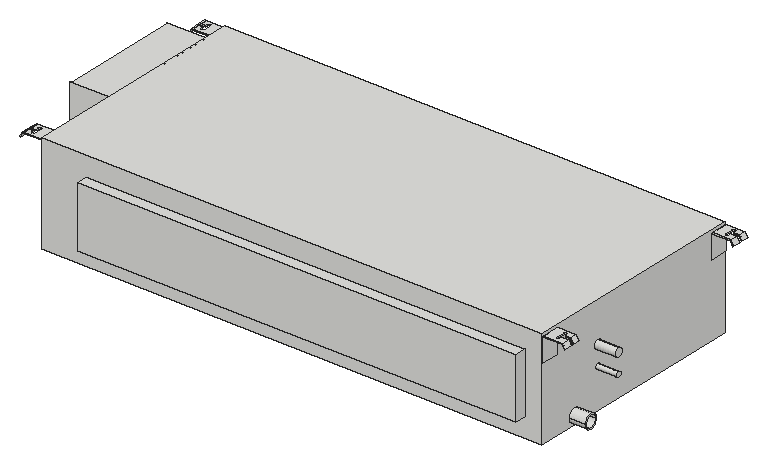
Revit family "GMV-ND（40-63）PLSC1-T", category 机械设备, Revit 2014
Parameters (values of type "GMV-ND63PLS/C1-T")
  高 = 200.00 mm
  风量（m³/h） [instance] = "850"
  送风口高度 = 122.00 mm
  送风口宽度 = 885.00 mm
  电源 = "220V~50Hz"
  深 = 462.00 mm
  液管管径 = 9.50 mm
  气管管径 = 15.90 mm
  机外静压(Pa) [instance] = "15/0~30"
  排水管管径 = 25.00 mm
  宽 = 1010.00 mm
  定位孔（深） = 415.00 mm
  定位孔（宽） = 1060.00 mm
  回风口高度 = 175.00 mm
  回风口宽度 = 979.00 mm
  制热量(kW) [instance] = "7"
  制冷量(kW) [instance] = "6.3"
  净重(kg) = "25"
  Width = 1010.00 mm
  Highth = 200.00 mm
  Hight = 200.00 mm
  Depth = 462.00 mm
Types (5, lengths in mm): name | 风量（m³/h） | 液管管径 | 气管管径 | 制热量(kW) | 制冷量(kW)
  GMV-ND40PLS/C1-T | "750" | 6.35 | 12.70 | "4.5" | "4"
  GMV-ND45PLS/C1-T | "750" | 6.35 | 12.70 | "5" | "4.5"
  GMV-ND50PLS/C1-T | "850" | 6.35 | 12.70 | "5.6" | "5"
  GMV-ND56PLS/C1-T | "850" | 9.52 | 15.90 | "6.3" | "5.6"
  GMV-ND63PLS/C1-T | "850" | 9.50 | 15.90 | "7" | "6.3"
Reference planes
  plane 1 "中心(前/后)": y = 0
  plane 2: z = 0
  plane 3 "中心(左/右)": x = 0
  plane 4: z = 204.3
  plane 5: x = 779.15
  plane 6: x = -230.85
  plane 7: y = -924.816
  plane 8: y = -509.816
  plane 9: y = -509.931
  plane 10: y = -924.989
  plane 11: x = 744.2
  plane 12: y = -966.724
  plane 13: y = -874.035
  plane 14: y = -816.097
  plane 15: y = -816.005
  plane 16: z = 199.575
  plane 17: y = -492.374
  plane 18: x = 274.15
  plane 19: y = -586.634
  plane 20: x = 193.45
  plane 21: x = 381.15
  plane 22: x = 714.4
  plane 23: z = 190.5
  plane 24: z = 15.6
  plane 25: x = -230.85
  plane 26: x = 779.15
  plane 27: z = 200
  plane 28: y = -954.374
Forms (mm)
  Extrusion 1, solid, material "热镀锌板"
    sketch origin (0, 0, 0) x (1, 0, 0) y (0, 1, 0)
      loop
        line (-230.85, -492.374) -> (-230.85, -954.249) -> (779.15, -954.249) -> (779.15, -492.374) -> (-230.85, -492.374)
    from 2.5 to 202.5
  Extrusion 2, solid, material "热镀锌板"
    sketch origin (-80, 0, 0) x (1, 0, 0) y (0, 1, 0)
      loop
        line (-230.229, -540.974) -> (-230.229, -778.774)
        arc (-230.229, -778.774) -> (-231.108, -780.895) -> (-233.229, -781.774) r 3
        line (-233.229, -781.774) -> (-148.169, -781.774)
        arc (-148.169, -781.774) -> (-149.932, -780.986) -> (-150.85, -779.286) r 3
        line (-150.85, -779.286) -> (-150.85, -540.849)
        arc (-150.85, -540.849) -> (-150.087, -538.943) -> (-148.276, -537.974) r 3
        line (-148.276, -537.974) -> (-233.229, -537.974)
        arc (-233.229, -537.974) -> (-231.108, -538.852) -> (-230.229, -540.974) r 3
    from 0 to 200
  Extrusion 3, solid, material "热镀锌板"
    sketch origin (0, -977.974, 121.11) x (0, 0, -1) y (-1, 0, 0)
      loop
        line (-42.49, 140.8) -> (-42.49, -744.2) -> (79.71, -744.2) -> (79.71, 140.8) -> (-42.49, 140.8)
    from 0 to 24
  Extrusion 4, void
    sketch origin (-14, -966.724, 121.11) x (0, 0, 1) y (-1, 0, 0)
      loop
        line (36.39, 120.8) -> (-73.61, 120.8) -> (-73.61, -752.008) -> (36.39, -752.008) -> (36.39, 120.8)
    from 2.222 to -163.585
  Extrusion 5, solid, material "热镀锌板"
    sketch origin (69.15, -1524, 200.743) x (0, 0, -1) y (0, -1, 0)
      loop
        circle (76.187, -708.091) r 7.95
    from 300 to 344.15
  Extrusion 6, solid, material "热镀锌板"
    sketch origin (69.15, -1524, 200.743) x (0, 0, -1) y (0, -1, 0)
      loop
        circle (116.022, -707.946) r 4.75
    from 300 to 344.15
  Extrusion 7, solid, material "热镀锌板"
    sketch origin (-230.85, -1524, 200.743) x (0, 0, -1) y (0, -1, 0)
      loop
        circle (179.056, -649.965) r 12.5
      loop
        circle (179.056, -649.965) r 13.5
    from 0 to 34
  Extrusion 8, solid, material "热镀锌板"
    sketch origin (779.15, -1524, 199.574) x (0, 0, -1) y (0, -1, 0)
      loop
        circle (177.887, -649.965) r 12.5
      loop
        circle (177.887, -649.965) r 13.5
    from 0 to -34
  Sweep 9, solid, material "热镀锌板"
    path origin (189.15, -500.397, 1197.344) x (1, 0, 0) y (0, 0, 1)
      loop
        line (591, -1046.944) -> (591, -998.769) -> (629.575, -998.769) -> (634.829, -1007.513)
    profile origin (780.15, -500.397, 174.488) x (-1, 0, 0) y (0, -1, 0)
      loop
        line (1, -7.965) -> (1, 27.035) -> (-0.648, 27.035) -> (-0.648, -7.965) -> (1, -7.965)
  Sweep 10, solid, material "热镀锌板"
    path origin (189.15, -926.705, 1197.344) x (1, 0, 0) y (0, 0, 1)
      loop
        line (591, -1046.944) -> (591, -998.769) -> (629.575, -998.769) -> (634.829, -1007.513)
    profile origin (780.15, -926.705, 174.488) x (-1, 0, 0) y (0, -1, 0)
      loop
        line (1, -7.965) -> (1, 27.035) -> (-0.648, 27.035) -> (-0.648, -7.965) -> (1, -7.965)
  Extrusion 11, void
    sketch origin (189.15, -492.374, 1200) x (-1, 0, 0) y (0, 0, 1)
      loop
        line (-574.085, -1009.5) -> (-574.085, -1184.4) -> (404.25, -1184.4) -> (404.25, -1009.5) -> (-574.085, -1009.5)
    from 10.131 to -11.558
  Extrusion 12, void
    sketch origin (189.15, -492.374, 1025) x (-1, 0, 0) y (0, 0, 1)
      loop
        line (-574.085, -1009.5) -> (-574.085, -1040.316) -> (404.25, -1040.316) -> (404.25, -1009.5) -> (-574.085, -1009.5)
    from -17.695 to -190
  Extrusion 13, solid, material "封板材质"
    sketch origin (189.15, -492.374, 1200) x (1, 0, 0) y (0, 0, 1)
      loop
        line (574.085, -1009.5) -> (-404.25, -1009.5) -> (-404.25, -1184.4) -> (574.085, -1184.4) -> (574.085, -1009.5)
    from 0 to 10
  Extrusion 14, solid, material "封板材质"
    sketch origin (189.15, 509.584, 3.383) x (1, 0, 0) y (0, 1, 0)
      loop
        line (574.085, -1019.653) -> (-404.25, -1019.653) -> (-404.25, -1191.958) -> (574.085, -1191.958) -> (574.085, -1019.653)
    from 0 to 10
  Sweep 15, solid, material "热镀锌板"
    path origin (359.15, -500.397, 1197.344) x (-1, 0, 0) y (0, 0, -1)
      loop
        line (591, 1046.944) -> (591, 998.769) -> (629.575, 998.769) -> (634.829, 1007.513)
    profile origin (-231.85, -500.397, 174.488) x (-1, 0, 0) y (0, -1, 0)
      loop
        line (-1, -7.965) -> (0.648, -7.965) -> (0.648, 27.035) -> (-1, 27.035) -> (-1, -7.965)
  Sweep 16, solid, material "热镀锌板"
    path origin (359.15, -926.705, 1197.344) x (-1, 0, 0) y (0, 0, -1)
      loop
        line (591, 1046.944) -> (591, 998.769) -> (629.575, 998.769) -> (634.829, 1007.513)
    profile origin (-231.85, -926.705, 174.488) x (-1, 0, 0) y (0, -1, 0)
      loop
        line (-1, -7.965) -> (0.648, -7.965) -> (0.648, 27.035) -> (-1, 27.035) -> (-1, -7.965)
  Extrusion 17, void
    sketch origin (-260.85, -1524, 199.575) x (0, 1, 0) y (1, 0, 0)
      loop
        line (1020.953, 8.718) -> (1006.953, 8.718)
        arc (1006.953, 8.718) -> (1003.453, 5.218) -> (1006.953, 1.718) r 3.5
        line (1006.953, 1.718) -> (1010.678, 1.718) -> (1010.678, -20.903) -> (1017.678, -20.903) -> (1017.678, 1.718) -> (1020.953, 1.718)
        arc (1020.953, 1.718) -> (1024.453, 5.218) -> (1020.953, 8.718) r 3.5
    from 0 to 13.014
  Extrusion 18, void
    sketch origin (-260.85, 76.753, 199.575) x (0, 1, 0) y (1, 0, 0)
      loop
        arc (-1020.953, 8.718) -> (-1024.453, 5.218) -> (-1020.953, 1.718) r 3.5
        line (-1020.953, 1.718) -> (-1017.678, 1.718) -> (-1017.678, -20.903) -> (-1010.678, -20.903) -> (-1010.678, 1.718) -> (-1006.953, 1.718)
        arc (-1006.953, 1.718) -> (-1003.453, 5.218) -> (-1006.953, 8.718) r 3.5
        line (-1006.953, 8.718) -> (-1020.953, 8.718)
    from 0 to 13.014
  Extrusion 19, void
    sketch origin (809.15, -1524, 199.575) x (0, -1, 0) y (-1, 0, 0)
      loop
        arc (-1020.953, 8.718) -> (-1024.453, 5.218) -> (-1020.953, 1.718) r 3.5
        line (-1020.953, 1.718) -> (-1017.678, 1.718) -> (-1017.678, -20.903) -> (-1010.678, -20.903) -> (-1010.678, 1.718) -> (-1006.953, 1.718)
        arc (-1006.953, 1.718) -> (-1003.453, 5.218) -> (-1006.953, 8.718) r 3.5
        line (-1006.953, 8.718) -> (-1020.953, 8.718)
    from 0 to 13.014
  Extrusion 20, void
    sketch origin (809.15, 79.253, 199.575) x (0, -1, 0) y (-1, 0, 0)
      loop
        line (1020.953, 8.718) -> (1006.953, 8.718)
        arc (1006.953, 8.718) -> (1003.453, 5.218) -> (1006.953, 1.718) r 3.5
        line (1006.953, 1.718) -> (1010.678, 1.718) -> (1010.678, -20.903) -> (1017.678, -20.903) -> (1017.678, 1.718) -> (1020.953, 1.718)
        arc (1020.953, 1.718) -> (1024.453, 5.218) -> (1020.953, 8.718) r 3.5
    from 0 to 13.014
  Extrusion 21, solid, material "热镀锌板"
    sketch origin (479.15, -1524, 200.743) x (0, 0, -1) y (0, 1, 0)
      loop
        circle (76.187, 708.091) r 7.95
    from 300 to 344.15
  Extrusion 22, solid, material "热镀锌板"
    sketch origin (479.15, -1524, 200.743) x (0, 0, -1) y (0, 1, 0)
      loop
        circle (116.022, 707.946) r 4.75
    from 300 to 344.15
Cuts and joins
  Extrusion 4 cuts Extrusion 3
  Extrusion 11, Extrusion 12 cuts Extrusion 1
  Extrusion 17, Extrusion 19 cuts Sweep 9
  Extrusion 17, Extrusion 19 cuts Sweep 15
  Extrusion 18, Extrusion 20 cuts Sweep 10
  Extrusion 18, Extrusion 20 cuts Sweep 16
Dimensions and locks
  equal spacing: plane 6, plane 18, plane 5
  "Width": plane 6 to plane 5
  equal spacing: plane 25, plane 18, plane 26
  "Hight": plane 27 to level
  "Depth": plane 28 to plane 17
  "气管管径": diameter of Extrusion 5 sketch curve
  "液管管径": diameter of Extrusion 6 sketch curve
  "气管管径": diameter of Extrusion 21 sketch curve
  "液管管径": diameter of Extrusion 22 sketch curve
  aligned and locked: level to plane 2
  aligned and locked: Extrusion 5 to plane 6
  aligned and locked: Extrusion 6 to plane 6
  aligned and locked: Extrusion 7 to plane 6
Automatic sketch dimensions
  Extrusion 1 sketch curve to plane 6 = 0.00 mm
  Extrusion 1 sketch curve to plane 5 = 0.00 mm
  Extrusion 1 sketch curve to plane 17 = 0.00 mm
  Extrusion 1 sketch curve to plane 28 = 0.125 mm
  Extrusion 2 sketch curve to plane 6 = 0.00 mm
  Extrusion 2 sketch curve to plane 15 = 37.232 mm
  plane 6 to Extrusion 2 sketch curve = 79.379 mm
  Extrusion 2 sketch curve to Extrusion 2 sketch curve = 3.00 mm  (x2)
  Extrusion 2 sketch curve to plane 6 = 2.573 mm
  Extrusion 2 sketch curve to plane 6 = 2.681 mm
  Extrusion 2 sketch curve to plane 6 = 2.958 mm
  Extrusion 2 sketch curve to plane 6 = 2.999 mm
  Extrusion 2 sketch curve to Extrusion 2 sketch curve = 2.487 mm
  Extrusion 2 sketch curve to plane 9 = 31.042 mm
  Extrusion 2 sketch curve to Extrusion 2 sketch curve = 2.97 mm
  plane 11 to Extrusion 3 sketch curve = 0.00 mm
  plane 23 to Extrusion 3 sketch curve = 26.90 mm
  Extrusion 3 sketch curve to plane 24 = 25.80 mm
  Extrusion 3 sketch curve to plane 6 = 90.05 mm
  Extrusion 4 sketch curve to plane 24 = 31.90 mm
  plane 23 to Extrusion 4 sketch curve = 33.00 mm
  plane 11 to Extrusion 4 sketch curve = 6.192 mm
  Extrusion 4 sketch curve to plane 6 = 96.05 mm
  Extrusion 7 sketch curve to Extrusion 7 sketch curve = 0.00 mm  (x2)
  Extrusion 7 sketch curve to plane 13 = 0.00 mm
  Extrusion 7 sketch curve to plane 24 = 6.086 mm
  Extrusion 8 sketch curve to Extrusion 8 sketch curve = 0.00 mm  (x2)
  Extrusion 8 sketch curve to plane 13 = 0.00 mm
  Extrusion 8 sketch curve to plane 24 = 6.086 mm
  Sweep 9 sketch curve to plane 5 = 1.00 mm
  Sweep 9 sketch curve to plane 16 = 1.00 mm
  Sweep 9 sketch curve to Sweep 9 sketch curve = 38.575 mm
  plane 23 to Sweep 9 sketch curve = 0.67 mm
  Sweep 9 sketch curve to Sweep 9 sketch curve = 5.254 mm
  plane 23 to Sweep 9 sketch curve = 40.10 mm
  profile plane to Sweep 9 sketch curve = 0.648 mm
  Sweep 9 sketch curve to profile plane = 1.00 mm
  Sweep 9 sketch curve to profile plane = 7.965 mm
  profile plane to Sweep 9 sketch curve = 27.035 mm
  Sweep 10 sketch curve to plane 5 = 1.00 mm
  Sweep 10 sketch curve to plane 16 = 1.00 mm
  Sweep 10 sketch curve to Sweep 10 sketch curve = 38.575 mm
  plane 23 to Sweep 10 sketch curve = 0.67 mm
  Sweep 10 sketch curve to Sweep 10 sketch curve = 5.254 mm
  plane 23 to Sweep 10 sketch curve = 40.10 mm
  profile plane to Sweep 10 sketch curve = 0.648 mm
  Sweep 10 sketch curve to profile plane = 1.00 mm
  Sweep 10 sketch curve to profile plane = 7.965 mm
  profile plane to Sweep 10 sketch curve = 27.035 mm
  Extrusion 11 sketch curve to plane 24 = 0.00 mm
  Extrusion 11 sketch curve to plane 23 = 0.00 mm
  plane 5 to Extrusion 11 sketch curve = 15.915 mm
  Extrusion 11 sketch curve to plane 6 = 15.75 mm
  plane 5 to Extrusion 12 sketch curve = 15.915 mm
  Extrusion 12 sketch curve to plane 6 = 15.75 mm
  Extrusion 12 sketch curve to level = 15.316 mm
  plane 24 to Extrusion 12 sketch curve = 0.10 mm
  Extrusion 13 sketch curve to plane 23 = 0.00 mm
  Extrusion 13 sketch curve to plane 24 = 0.00 mm
  Extrusion 13 sketch curve to plane 6 = 15.75 mm
  plane 5 to Extrusion 13 sketch curve = 15.915 mm
  Extrusion 14 sketch curve to plane 9 = 0.137 mm
  Extrusion 14 sketch curve to plane 6 = 15.75 mm
  plane 5 to Extrusion 14 sketch curve = 15.915 mm
  plane 19 to Extrusion 14 sketch curve = 95.739 mm
  plane 6 to Sweep 15 sketch curve = 1.00 mm
  Sweep 15 sketch curve to plane 16 = 1.00 mm
  Sweep 15 sketch curve to Sweep 15 sketch curve = 38.575 mm
  plane 23 to Sweep 15 sketch curve = 0.67 mm
  Sweep 15 sketch curve to Sweep 15 sketch curve = 5.254 mm
  plane 23 to Sweep 15 sketch curve = 40.10 mm
  profile plane to Sweep 15 sketch curve = 1.00 mm
  Sweep 15 sketch curve to profile plane = 0.648 mm
  Sweep 15 sketch curve to profile plane = 7.965 mm
  profile plane to Sweep 15 sketch curve = 27.035 mm
  plane 6 to Sweep 16 sketch curve = 1.00 mm
  Sweep 16 sketch curve to plane 16 = 1.00 mm
  Sweep 16 sketch curve to Sweep 16 sketch curve = 38.575 mm
  plane 23 to Sweep 16 sketch curve = 0.67 mm
  Sweep 16 sketch curve to Sweep 16 sketch curve = 5.254 mm
  plane 23 to Sweep 16 sketch curve = 40.10 mm
  profile plane to Sweep 16 sketch curve = 1.00 mm
  Sweep 16 sketch curve to profile plane = 0.648 mm
  Sweep 16 sketch curve to profile plane = 7.965 mm
  profile plane to Sweep 16 sketch curve = 27.035 mm
  Extrusion 17 sketch curve to plane 9 = 7.115 mm
  Extrusion 17 sketch curve to plane 9 = 3.391 mm
  Extrusion 17 sketch curve to plane 8 = 3.494 mm
  Extrusion 17 sketch curve to Extrusion 17 sketch curve = 3.275 mm
  plane 6 to Extrusion 17 sketch curve = 21.282 mm
  Extrusion 17 sketch curve to Extrusion 17 sketch curve = 3.50 mm  (x2)
  Extrusion 17 sketch curve to Extrusion 17 sketch curve = 22.621 mm
  Extrusion 18 sketch curve to plane 28 = 10.173 mm
  Extrusion 18 sketch curve to Extrusion 18 sketch curve = 3.275 mm
  Extrusion 18 sketch curve to Extrusion 18 sketch curve = 7.00 mm
  Extrusion 18 sketch curve to Extrusion 18 sketch curve = 3.725 mm
  plane 6 to Extrusion 18 sketch curve = 21.282 mm
  Extrusion 18 sketch curve to Extrusion 18 sketch curve = 3.50 mm  (x2)
  Extrusion 18 sketch curve to Extrusion 18 sketch curve = 22.621 mm
  Extrusion 19 sketch curve to plane 8 = 6.769 mm
  Extrusion 19 sketch curve to Extrusion 19 sketch curve = 3.275 mm
  Extrusion 19 sketch curve to plane 9 = 3.391 mm
  Extrusion 19 sketch curve to Extrusion 19 sketch curve = 3.725 mm
  Extrusion 19 sketch curve to plane 5 = 21.282 mm
  Extrusion 19 sketch curve to Extrusion 19 sketch curve = 3.50 mm  (x2)
  Extrusion 19 sketch curve to Extrusion 19 sketch curve = 22.621 mm
  Extrusion 20 sketch curve to plane 10 = 2.712 mm
  Extrusion 20 sketch curve to plane 10 = 6.436 mm
  Extrusion 20 sketch curve to Extrusion 20 sketch curve = 7.00 mm
  Extrusion 20 sketch curve to Extrusion 20 sketch curve = 3.275 mm
  Extrusion 20 sketch curve to plane 5 = 21.282 mm
  Extrusion 20 sketch curve to Extrusion 20 sketch curve = 3.50 mm  (x2)
  Extrusion 20 sketch curve to Extrusion 20 sketch curve = 22.621 mm
  Extrusion 5 sketch curve to plane 15 = 0.097 mm
  plane 23 to Extrusion 5 sketch curve = 65.945 mm
  Extrusion 6 sketch curve to plane 14 = 0.044 mm
  Extrusion 6 sketch curve to plane 24 = 69.121 mm
  Extrusion 21 sketch curve to plane 15 = 0.097 mm
  plane 23 to Extrusion 21 sketch curve = 65.945 mm
  Extrusion 22 sketch curve to plane 14 = 0.044 mm
  Extrusion 22 sketch curve to plane 24 = 69.121 mm
  radius of Extrusion 7 sketch curve = 12.50 mm
  radius of Extrusion 7 sketch curve = 13.50 mm
  radius of Extrusion 8 sketch curve = 12.50 mm
  radius of Extrusion 8 sketch curve = 13.50 mm
Connectors
  piping at (-275, -815.909, 124.555), diameter 15.9, driven by "气管管径"
    settings: on Extrusion 5, index 1, connector inside diameter 609.6 mm, connector length 0.00 mm, flow factor 0, pipe flow 0.0 L/s, pressure drop 0.0 Pa, fitting loss kfactor 0, connector angle 0.00°, fixture units 0, engagement length 0.00 mm, angle of deflection 0.00°, flow configuration 0, flow direction 0, fitting loss method 0, system type 8, joint type 0, gender type 0, connector reference index -1, connector utility 0, adjustable connector no, is connector primary yes, connector description ""
  piping at (-275, -816.054, 84.721), diameter 9.5, driven by "液管管径"
    settings: on Extrusion 6, index 2, connector inside diameter 609.6 mm, connector length 0.00 mm, flow factor 0, pipe flow 0.0 L/s, pressure drop 0.0 Pa, fitting loss kfactor 0, connector angle 0.00°, fixture units 0, engagement length 0.00 mm, angle of deflection 0.00°, flow configuration 0, flow direction 0, fitting loss method 0, system type 7, joint type 0, gender type 0, connector reference index -1, connector utility 0, adjustable connector no, is connector primary no, connector description ""
  hvac at (301.7, -977.974, 102.5), driven by "送风口高度", driven by "送风口宽度"
    settings: on cut or joined group of Extrusion 3, Extrusion 4, index 4, duct flow 0.0 L/s, flow factor 0, pres drop 0.0 Pa, loss coef 0, conn angle 0.00°, conn width 885 mm, conn height 122 mm, conn diameter 609.6 mm, duct sys type 1, conn prof type 1, flow config 0, flow direction 0, loss method 0, conn ref index -1, conn util no, is conn primary yes, conn desc ""
  hvac at (274.068, -492.374, 103.05), driven by "回风口高度", driven by "回风口宽度"
    settings: on cut or joined group of Extrusion 1, Extrusion 11, Extrusion 12, index 5, duct flow 0.0 L/s, flow factor 0, pres drop 0.0 Pa, loss coef 0, conn angle 0.00°, conn width 979 mm, conn height 175 mm, conn diameter 609.6 mm, duct sys type 2, conn prof type 1, flow config 0, flow direction 0, loss method 0, conn ref index -1, conn util no, is conn primary no, conn desc ""
  piping at (-264.85, -874.035, 21.686), diameter 25, driven by "排水管管径"
    settings: on Extrusion 7, index 6, connector inside diameter 609.6 mm, connector length 0.00 mm, flow factor 0, pipe flow 0.0 L/s, pressure drop 0.0 Pa, fitting loss kfactor 0, connector angle 0.00°, fixture units 0, engagement length 0.00 mm, angle of deflection 0.00°, flow configuration 0, flow direction 0, fitting loss method 0, system type 7, joint type 0, gender type 0, connector reference index -1, connector utility 0, adjustable connector no, is connector primary no, connector description ""
